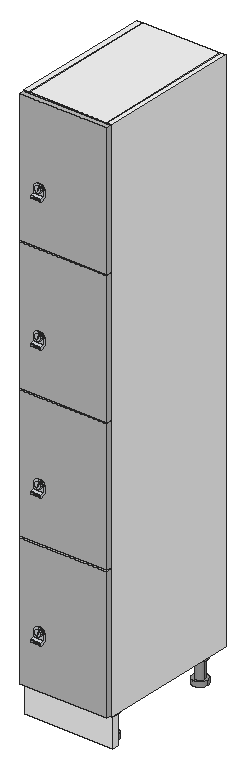
Revit family "1900H Locker Standard 4 Door", category Casework, Revit 2016
Family settings
  OmniClass Number = 23.40.35.00
  OmniClass Title = Casework
  Work Plane-Based = No
  Always vertical = Yes
  Cut with Voids When Loaded = No
  Shared = No
  Room Calculation Point = No
Parameters (values of type "LW319S4ABNP")
  WarrantyGuarantorParts = "www.bisley.com"  # constant formula
  WarrantyGuarantorLabour = "www.bisley.com"  # constant formula
  WarrantyDurationUnit = "Years"  # constant formula
  WarrantyDurationParts = "5"  # constant formula
  WarrantyDurationLabour = "5"  # constant formula
  WarrantyDescription = "5 Years Parts & Labour"  # constant formula
  Uniclass2015Version = "3.1"  # constant formula
  Uniclass2015Title = "Lockers"  # constant formula
  Uniclass2015Code = "Pr_40_30_78_48"  # constant formula
  URL = "www.bisley.com"
  SustainabilityPerformance = "FSC Approved"  # constant formula
  SerialNumber = ""
  NominalWidth = Width  # 300 mm
  NominalLength = Depth  # 500 mm
  NominalHeight = Height  # 1900 mm
  Name = "1900H Standard Door"  # constant formula
  NBSReference = "45-35-80/380"  # constant formula
  NBSDescription = "General fittings, furnishings and equipment system"  # constant formula
  ModelReference = "LW319S4ABNP"
  Model = "Lockerwall"  # constant formula
  Material = "MFC"  # constant formula
  ManufacturerURL = "www.bisley.com"  # constant formula
  Manufacturer = "Bisley"  # constant formula
  ManufactureName = "Bisley"  # constant formula
  M3 Lock = no
  Foot [instance] = Foot 100 : Foot 100
  Finish = "Matt"  # constant formula
  E4 Lock = no
  DurationUnit = "Years"  # constant formula
  Depth = 500 mm
  Height = 1900 mm
  Width = 300 mm
  Carcass Material = "MFC"  # constant formula
  Author = "Bisley"  # constant formula
  AssetType = "Fixed"  # constant formula
  AB Lock = yes
Types (19, lengths in mm): name | NominalWidth | ModelReference | M3 Lock | E4 Lock | Width | AB Lock
  (no name) | 300 | "LW319S4ABNP" | no | no | 300 | yes
  LW319S4ABNP | 300 | "LW319S4ABNP" | no | no | 300 | yes
  LW319S4ABUK | 300 | "LW319S4ABUK" | no | no | 300 | yes
  LW319S4E4NP | 300 | "LW319S4E4NP" | no | yes | 300 | no
  LW319S4E4UK | 300 | "LW319S4E4UK" | no | yes | 300 | no
  LW319S4M3NP | 300 | "LW319S4M3NP" | yes | no | 300 | no
  LW319S4M3UK | 300 | "LW319S4M3UK" | yes | no | 300 | no
  LW419S4ABNP | 400 | "LW419S4ABNP" | no | no | 400 | yes
  LW419S4ABUK | 400 | "LW419S4ABUK" | no | no | 400 | yes
  LW419S4E4NP | 400 | "LW419S4E4NP" | no | yes | 400 | no
  LW419S4E4UK | 400 | "LW419S4E4UK" | no | yes | 400 | no
  LW419S4M3NP | 400 | "LW419S4M3NP" | yes | no | 400 | no
  LW419S4M3UK | 400 | "LW419S4M3UK" | yes | no | 400 | no
  LW519S4ABNP | 500 | "LW519S4ABNP" | no | no | 500 | yes
  LW519S4ABUK | 500 | "LW519S4ABUK" | no | no | 500 | yes
  LW519S4E4NP | 500 | "LW519S4E4NP" | no | yes | 500 | no
  LW519S4E4UK | 500 | "LW519S4E4UK" | no | yes | 500 | no
  LW519S4M3NP | 500 | "LW519S4M3NP" | yes | no | 500 | no
  LW519S4M3UK | 500 | "LW519S4M3UK" | yes | no | 500 | no
Reference planes
  plane 1 "Back": y = 0
  plane 2: z = 0
  plane 3 "Center (Left/Right)": x = 44.7
  plane 4 "Front": y = -500
  plane 5 "Left": x = -105.3
  plane 6 "Right": x = 194.7
  plane 7 "Top": z = 1900
  plane 8 "Base": z = 98
  plane 9 "Base Left": x = -87.3
  plane 10 "Base Right": x = 176.7
  plane 11: y = -482
  plane 12: y = -10.5
  plane 13: y = -29.5
  plane 14 "Back Base": z = 110.5
  plane 15: z = 1887.5
  plane 16: z = 95
  plane 17 "Plinth": y = -477
  plane 18: y = -459
  plane 19: z = 101
  plane 20: z = 547
  plane 21: z = 551
  plane 22: z = 997
  plane 23: z = 1001
  plane 24: z = 1447
  plane 25: x = -103.3
  plane 26: x = 192.7
  plane 27 "Shelf 2": z = 990
  plane 28 "Shelf 1": z = 540
  plane 29 "Shelf 3": z = 1440
  plane 30: z = 1451
  plane 31: z = 1897
Forms (mm)
  Extrusion 1, solid, not visible
    sketch origin (-1691.73, 346.204, -12) x (1, 0, 0) y (0, 0, 1)
      loop
        line (48, 12) -> (56, 12) -> (56, 20) -> (48, 20) -> (48, 12)
    from 0 to 26
  Extrusion 2, solid, not visible
    sketch origin (-1683.73, 346.204, -12) x (-1, 0, 0) y (0, 0, -1)
      loop
        line (48, -12) -> (48, -20) -> (56, -20) -> (56, -12) -> (48, -12)
    from 0 to 26
  Extrusion 3, solid, not visible
    sketch origin (-1687.73, 350.204, -3.997) x (0, 1, 0) y (0, 0, 1)
      loop
        line (-26, 3.997) -> (-26, 11.997) -> (-34, 11.997) -> (-34, 3.997) -> (-26, 3.997)
    from -52 to 52
  Extrusion 4, solid, material "MFC 1"
    sketch origin (0, 0, 0) x (1, 0, 0) y (0, 1, 0)
      loop
        line (-105.3, -482) -> (-87.3, -482) -> (-87.3, 0) -> (-105.3, 0) -> (-105.3, -482)
    from 98 to 1900
  Extrusion 5, solid, material "MFC 1"
    sketch origin (0, 0, 98) x (-1, 0, 0) y (0, -1, 0)
      loop
        line (-176.7, 482) -> (-194.7, 482) -> (-194.7, 0) -> (-176.7, 0) -> (-176.7, 482)
    from 0 to 1802
  Extrusion 6, solid, material "MFC 1"
    sketch origin (0, 0, 98) x (-1, 0, 0) y (0, -1, 0)
      loop
        line (87.3, 482) -> (-176.7, 482) -> (-176.7, 0) -> (87.3, 0) -> (87.3, 482)
    from 0 to 18
  Extrusion 7, void
    sketch origin (176.7, 0, 0) x (0, 1, 0) y (0, 0, 1)
      loop
        line (-29.5, 110.5) -> (-10.5, 110.5) -> (-10.5, 116) -> (-29.5, 116) -> (-29.5, 110.5)
    from 0 to -264
  Extrusion 8, solid, material "MFC 1"
    sketch origin (0, 0, 1540) x (0, -1, 0) y (1, 0, 0)
      loop
        line (482, -87.3) -> (482, 176.7) -> (0, 176.7) -> (0, -87.3) -> (482, -87.3)
    from 360 to 342
  Extrusion 9, void
    sketch origin (176.7, 0, 0) x (0, 1, 0) y (0, 0, 1)
      loop
        line (-29.5, 1884.5) -> (-10.5, 1884.5) -> (-10.5, 1887.5) -> (-29.5, 1887.5) -> (-29.5, 1884.5)
    from 0 to -264
  Extrusion 10, solid, material "MFC 1"
    sketch origin (0, 0, 110.5) x (0, -1, 0) y (1, 0, 0)
      loop
        line (29.5, -87.3) -> (29.5, 176.7) -> (10.5, 176.7) -> (10.5, -87.3) -> (29.5, -87.3)
    from 0 to 1777
  Extrusion 11, solid, material "MFC 1"
    sketch origin (0, 0, 0) x (1, 0, 0) y (0, 1, 0)
      loop
        line (-105.3, -477) -> (194.7, -477) -> (194.7, -459) -> (-105.3, -459) -> (-105.3, -477)
    from 0 to 95
  Extrusion 12, solid, material "MFC 2"
    sketch origin (0, -500, 180) x (1, 0, 0) y (0, 0, 1)
      loop
        line (-103.3, 821) -> (192.7, 821) -> (192.7, 1267) -> (-103.3, 1267) -> (-103.3, 821)
    from 0 to -18
  Extrusion 13, solid, material "MFC 2"
    sketch origin (0, -500, 90) x (1, 0, 0) y (0, 0, 1)
      loop
        line (-103.3, 461) -> (192.7, 461) -> (192.7, 907) -> (-103.3, 907) -> (-103.3, 461)
    from 0 to -18
  Extrusion 14, solid, material "MFC 2"
    sketch origin (0, -500, 0) x (1, 0, 0) y (0, 0, 1)
      loop
        line (-103.3, 101) -> (192.7, 101) -> (192.7, 547) -> (-103.3, 547) -> (-103.3, 101)
    from 0 to -18
  Extrusion 15, solid, material "MFC 1"
    sketch origin (0, 0, 540) x (-1, 0, 0) y (0, -1, 0)
      loop
        line (87.3, 482) -> (-176.7, 482) -> (-176.7, 29.5) -> (87.3, 29.5) -> (87.3, 482)
    from 0 to 18
  Extrusion 16, solid, material "MFC 1"
    sketch origin (0, 0, 990) x (-1, 0, 0) y (0, -1, 0)
      loop
        line (87.3, 482) -> (-176.7, 482) -> (-176.7, 29.5) -> (87.3, 29.5) -> (87.3, 482)
    from 0 to 18
  Extrusion 17, solid, material "MFC 1"
    sketch origin (0, 0, 1440) x (-1, 0, 0) y (0, -1, 0)
      loop
        line (87.3, 482) -> (-176.7, 482) -> (-176.7, 29.5) -> (87.3, 29.5) -> (87.3, 482)
    from 0 to 18
  Extrusion 18, solid, material "MFC 2"
    sketch origin (0, -500, 270) x (1, 0, 0) y (0, 0, 1)
      loop
        line (-103.3, 1181) -> (192.7, 1181) -> (192.7, 1627) -> (-103.3, 1627) -> (-103.3, 1181)
    from 0 to -18
Cuts and joins
  Extrusion 7, Extrusion 9 cuts Extrusion 5
  Extrusion 7 cuts Extrusion 6
  Extrusion 9 cuts Extrusion 4
  Extrusion 9 cuts Extrusion 8
Dimensions and locks
  "Width": plane 6 "Right" to plane 5 "Left"
  equal spacing: plane 6 "Right", plane 3 "Center (Left/Right)", plane 5 "Left"
  "Depth": plane 4 "Front" to plane 1 "Back"
  "Height": level to plane 7 "Top"
  locked: plane 5 "Left" to plane 9 "Base Left" at 18
  locked: plane 10 "Base Right" to plane 6 "Right" at 18
  locked: plane 7 "Top" to plane 15 at 12.5
  Extrusion 10 to plane 1 "Back" = 10.5 mm
  locked: nested 1 to plane 6 "Right" at 68
  locked: nested 2 to plane 6 "Right" at 68
  locked: plane 1 "Back" to nested 3 at 79.5
  locked: plane 11 to plane 4 "Front" at 18
  locked: plane 17 "Plinth" to plane 4 "Front" at 23
  locked: plane 18 to plane 4 "Front" at 41
  locked: nested 1 to plane 4 "Front" at 91
  locked: plane 5 "Left" to nested 4 at 68
  locked: plane 5 "Left" to nested 3 at 68
  locked: plane 4 "Front" to nested 4 at 91
  locked: plane 6 "Right" to plane 26 at 2
  locked: plane 25 to plane 5 "Left" at 2
  locked: plane 5 "Left" to nested 7 at 51
  locked: plane 5 "Left" to nested 6 at 51
  locked: plane 5 "Left" to nested 5 at 51
  locked: plane 5 "Left" to nested 10 at 40.5
  locked: plane 5 "Left" to nested 9 at 40.5
  locked: plane 5 "Left" to nested 8 at 40.5
  locked: plane 5 "Left" to nested 13 at 54.3
  locked: plane 5 "Left" to nested 12 at 54.3
  locked: plane 5 "Left" to nested 11 at 54.3
  locked: plane 5 "Left" to nested 16 at 40.5
  locked: plane 5 "Left" to nested 14 at 51
  locked: plane 5 "Left" to nested 15 at 54.3
  aligned and locked: level to plane 2
  aligned and locked: Extrusion 4 sketch curve to plane 11
  aligned and locked: Extrusion 4 sketch curve to plane 5 "Left"
  aligned and locked: Extrusion 4 sketch curve to plane 1 "Back"
  aligned and locked: plane 9 "Base Left" to Extrusion 4 sketch curve
  aligned and locked: Extrusion 4 to plane 8 "Base"
  aligned and locked: Extrusion 4 to plane 7 "Top"
  aligned and locked: Extrusion 5 sketch curve to plane 11
  aligned and locked: Extrusion 5 sketch curve to plane 10 "Base Right"
  aligned and locked: Extrusion 5 sketch curve to plane 1 "Back"
  aligned and locked: plane 6 "Right" to Extrusion 5 sketch curve
  aligned and locked: Extrusion 5 to plane 7 "Top"
  aligned and locked: Extrusion 5 to plane 8 "Base"
  aligned and locked: Extrusion 4 to Extrusion 6 sketch curve
  aligned and locked: Extrusion 6 sketch curve to Extrusion 4
  aligned and locked: Extrusion 5 to Extrusion 6 sketch curve
  aligned and locked: Extrusion 6 sketch curve to Extrusion 5
  aligned and locked: plane 6 "Right" to Extrusion 5
  aligned and locked: Extrusion 7 to plane 9 "Base Left"
  aligned and locked: plane 10 "Base Right" to Extrusion 7
  aligned and locked: Extrusion 8 sketch curve to cut or joined group of Extrusion 6, Extrusion 7  (x2)
  aligned and locked: Extrusion 8 sketch curve to Extrusion 4
  aligned and locked: Extrusion 8 sketch curve to cut or joined group of Extrusion 5, Extrusion 7, Extrusion 9
  aligned and locked: plane 15 to Extrusion 9 sketch curve
  aligned and locked: Extrusion 10 sketch curve to cut or joined group of Extrusion 6, Extrusion 7  (x2)
  aligned and locked: cut or joined group of Extrusion 6, Extrusion 7 to Extrusion 10 sketch curve  (x2)
  aligned and locked: Extrusion 10 to plane 14 "Back Base"
  aligned and locked: plane 15 to Extrusion 10
  aligned and locked: Extrusion 9 to plane 9 "Base Left"
  aligned and locked: Extrusion 11 sketch curve to plane 17 "Plinth"
  aligned and locked: Extrusion 11 sketch curve to plane 5 "Left"
  aligned and locked: plane 18 to Extrusion 11 sketch curve
  aligned and locked: plane 6 "Right" to Extrusion 11 sketch curve
  aligned and locked: Extrusion 11 to plane 5 "Left"
  aligned and locked: plane 6 "Right" to Extrusion 11
  aligned and locked: Extrusion 5 to plane 11
  aligned and locked: Extrusion 4 to plane 11
  aligned and locked: Extrusion 12 to plane 25
  aligned and locked: plane 26 to Extrusion 12
  aligned and locked: Extrusion 12 to plane 23
  aligned and locked: plane 24 to Extrusion 12
  aligned and locked: Extrusion 13 sketch curve to plane 21
  aligned and locked: Extrusion 13 sketch curve to plane 25
  aligned and locked: plane 22 to Extrusion 13 sketch curve
  aligned and locked: plane 26 to Extrusion 13 sketch curve
  aligned and locked: Extrusion 14 sketch curve to plane 19
  aligned and locked: Extrusion 14 sketch curve to plane 25
  aligned and locked: plane 20 to Extrusion 14 sketch curve
  aligned and locked: plane 26 to Extrusion 14 sketch curve
  aligned and locked: Extrusion 15 sketch curve to cut or joined group of Extrusion 6, Extrusion 7  (x2)
  aligned and locked: cut or joined group of Extrusion 6, Extrusion 7 to Extrusion 15 sketch curve
  aligned and locked: nested 2 to Extrusion 15 sketch curve
  aligned and locked: Extrusion 16 sketch curve to cut or joined group of Extrusion 6, Extrusion 7  (x2)
  aligned and locked: cut or joined group of Extrusion 6, Extrusion 7 to Extrusion 16 sketch curve
  aligned and locked: nested 2 to Extrusion 16 sketch curve
  aligned and locked: Extrusion 8 to plane 7 "Top"
  aligned and locked: Extrusion 17 sketch curve to cut or joined group of Extrusion 6, Extrusion 7  (x2)
  aligned and locked: cut or joined group of Extrusion 6, Extrusion 7 to Extrusion 17 sketch curve
  aligned and locked: nested 2 to Extrusion 17 sketch curve
  aligned and locked: Extrusion 18 sketch curve to plane 30
  aligned and locked: Extrusion 18 sketch curve to plane 25
  aligned and locked: plane 31 to Extrusion 18 sketch curve
  aligned and locked: plane 26 to Extrusion 18 sketch curve
  aligned and locked: cut or joined group of Extrusion 5, Extrusion 7, Extrusion 9 to Extrusion 8
  aligned and locked: Extrusion 16 to plane 27 "Shelf 2"
  aligned and locked: Extrusion 15 to plane 28 "Shelf 1"
Automatic sketch dimensions
  Extrusion 1 sketch curve to Extrusion 1 sketch curve = 8 mm  (x2)
  Extrusion 2 sketch curve to Extrusion 2 sketch curve = 8 mm  (x2)
  Extrusion 3 sketch curve to Extrusion 3 sketch curve = 8 mm  (x2)
  Extrusion 7 sketch curve to plane 13 = 0 mm
  Extrusion 7 sketch curve to plane 12 = 0 mm
  Extrusion 7 sketch curve to plane 14 "Back Base" = 0 mm
  Extrusion 7 sketch curve to Extrusion 7 sketch curve = 5.5 mm
  Extrusion 9 sketch curve to plane 13 = 0 mm
  Extrusion 9 sketch curve to plane 12 = 0 mm
  Extrusion 9 sketch curve to Extrusion 9 sketch curve = 3 mm
  plane 24 to Extrusion 12 sketch curve = 0 mm
  Extrusion 12 sketch curve to plane 25 = 0 mm
  plane 26 to Extrusion 12 sketch curve = 0 mm
  Extrusion 12 sketch curve to plane 23 = 0 mm
Nested families
  nested 1: "Foot 100" at (196.401, -409, 0) x (-1, 0, 0) z (0, 0, 1), type "Foot 100"
  nested 2: "Foot 100" at (196.401, -29.5, 0) x (-1, 0, 0) z (0, 0, 1), type "Foot 100"
  nested 3: "Foot 100" at (-107, -29.5, 0), type "Foot 100"
  nested 4: "Foot 100" at (-107, -409, 0), type "Foot 100"
  nested 5: "AB Lock" at (-82, -500, 253), visible <- "AB Lock", type "AB Lock"
  nested 6: "AB Lock" at (-82, -500, 703), visible <- "AB Lock", type "AB Lock"
  nested 7: "AB Lock" at (-82, -500, 1153), visible <- "AB Lock", type "AB Lock"
  nested 8: "M3 Lock" at (-93, -500, 256), visible <- "M3 Lock", type "M3 Lock"
  nested 9: "M3 Lock" at (-93, -500, 706), visible <- "M3 Lock", type "M3 Lock"
  nested 10: "M3 Lock" at (-93, -500, 1156), visible <- "M3 Lock", type "M3 Lock"
  nested 11: "E4 Lock" at (-83, -500, 265), visible <- "E4 Lock", type "E4 Lock"
  nested 12: "E4 Lock" at (-83, -500, 715), visible <- "E4 Lock", type "E4 Lock"
  nested 13: "E4 Lock" at (-83, -500, 1165), visible <- "E4 Lock", type "E4 Lock"
  nested 14: "AB Lock" at (-82, -500, 1603), visible <- "AB Lock", type "AB Lock"
  nested 15: "E4 Lock" at (-83, -500, 1615), visible <- "E4 Lock", type "E4 Lock"
  nested 16: "M3 Lock" at (-93, -500, 1606), visible <- "M3 Lock", type "M3 Lock"
Definition of nested family "Foot 100"
  Parameters (values of type "Foot 100")
    WarrantyGuarantorParts = "www.bisley.com"  # constant formula
    WarrantyGuarantorLabour = "www.bisley.com"  # constant formula
    WarrantyDurationUnit = "Years"  # constant formula
    WarrantyDurationParts = "5"  # constant formula
    WarrantyDurationLabour = "5"  # constant formula
    WarrantyDescription = "5 Years Parts & Labour"  # constant formula
    Uniclass2015Version = ""
    Uniclass2015Title = ""
    Uniclass2015Code = ""
    URL = "www.bisley.com"
    SustainabilityPerformance = "FSC Approved"  # constant formula
    SerialNumber = ""
    NominalWidth = Width  # 50 mm
    NominalLength = Depth  # 50 mm
    NominalHeight = Height  # 900 mm
    Name = ""
    NBSReference = ""
    NBSDescription = "General fittings, furnishings and equipment system"  # constant formula
    ModelReference = ""
    Model = "Abode"  # constant formula
    Material = "MFC"  # constant formula
    ManufacturerURL = "www.bisley.com"  # constant formula
    Manufacturer = "Bisley"  # constant formula
    ManufactureName = "Bisley"  # constant formula
    Finish = "Matt"  # constant formula
    ExpectedLife = "25"  # constant formula
    DurationUnit = "Years"  # constant formula
    Depth = 50 mm
    Height = 900 mm
    Width = 50 mm
    Carcass Material = "MFC"  # constant formula
    Author = "Bisley"  # constant formula
    AssetType = "Fixed"  # constant formula
  Reference planes
    plane 1 "Back": y = 0
    plane 2: z = 0
    plane 3 "Center (Left/Right)": x = 44.7
    plane 4 "Front": y = -50
    plane 5 "Left": x = 19.7
    plane 6 "Right": x = 69.7
    plane 7 "Top": z = 900
    plane 8: y = -25
    plane 9 "Foot top": z = 98
    plane 10: y = 0
    plane 11: y = -50
    plane 12: x = 19.7
    plane 13: x = 69.7
    plane 14: x = 24.7
    plane 15: y = -5
  Forms (mm)
    Extrusion 1, solid, not visible
      sketch origin (-1691.73, 346.204, -12) x (1, 0, 0) y (0, 0, 1)
        loop
          line (48, 12) -> (56, 12) -> (56, 20) -> (48, 20) -> (48, 12)
      from 0 to 26
    Extrusion 2, solid, not visible
      sketch origin (-1683.73, 346.204, -12) x (-1, 0, 0) y (0, 0, -1)
        loop
          line (48, -12) -> (48, -20) -> (56, -20) -> (56, -12) -> (48, -12)
      from 0 to 26
    Extrusion 3, solid, not visible
      sketch origin (-1687.73, 350.204, -3.997) x (0, 1, 0) y (0, 0, 1)
        loop
          line (-26, 3.997) -> (-26, 11.997) -> (-34, 11.997) -> (-34, 3.997) -> (-26, 3.997)
      from -52 to 52
    Extrusion 4, solid
      sketch origin (0, 275, 0) x (1, 0, 0) y (0, 1, 0)
        loop
          circle (44.7, -300) r 25
      from 0 to 15
    Extrusion 5, solid
      sketch origin (0, 275, 0) x (1, 0, 0) y (0, 1, 0)
        loop
          circle (44.7, -300) r 15
      from 15 to 78
    Extrusion 6, solid
      sketch origin (0, 275, 0) x (1, 0, 0) y (0, 1, 0)
        loop
          circle (44.7, -300) r 25
      from 78 to 98
    Extrusion 7, solid
      sketch origin (0, 275, 98) x (-1, 0, 0) y (0, -1, 0)
        loop
          line (-19.7, 325) -> (-69.7, 325) -> (-69.7, 275) -> (-19.7, 275) -> (-19.7, 325)
      from 0 to -10
    Extrusion 8, void
      sketch origin (0, 275, 98) x (-1, 0, 0) y (0, -1, 0)
        loop
          circle (-24.7, 280) r 2.5
      from 0 to -10
    Extrusion 9, void
      sketch origin (89.401, 275, 98) x (1, 0, 0) y (0, 1, 0)
        loop
          circle (-24.7, -280) r 2.5
      from 0 to -10
    Extrusion 10, void
      sketch origin (0, -325, 98) x (-1, 0, 0) y (0, -1, 0)
        loop
          circle (-24.7, -280) r 2.5
      from 0 to -10
    Extrusion 11, void
      sketch origin (89.401, -325, 98) x (1, 0, 0) y (0, 1, 0)
        loop
          circle (-24.7, 280) r 2.5
      from 0 to -10
  Cuts and joins
    Extrusion 8, Extrusion 9, Extrusion 10, Extrusion 11 cuts Extrusion 4
    Extrusion 8, Extrusion 9, Extrusion 10, Extrusion 11 cuts Extrusion 5
    Extrusion 8, Extrusion 9, Extrusion 10, Extrusion 11 cuts Extrusion 6
    Extrusion 8, Extrusion 9, Extrusion 10, Extrusion 11 cuts Extrusion 7
    joined: Extrusion 4, Extrusion 5, Extrusion 6, Extrusion 7
  Dimensions and locks
    "Width": plane 6 "Right" to plane 5 "Left"
    equal spacing: plane 6 "Right", plane 3 "Center (Left/Right)", plane 5 "Left"
    "Depth": plane 4 "Front" to plane 1 "Back"
    "Height": level to plane 7 "Top"
    aligned and locked: level to plane 2
    aligned and locked: Extrusion 5 to Extrusion 4
    aligned and locked: Extrusion 4 to level
    aligned and locked: Extrusion 6 to Extrusion 5
    aligned and locked: plane 9 "Foot top" to Extrusion 6
  Automatic sketch dimensions
    Extrusion 1 sketch curve to Extrusion 1 sketch curve = 8 mm  (x2)
    Extrusion 2 sketch curve to Extrusion 2 sketch curve = 8 mm  (x2)
    Extrusion 3 sketch curve to Extrusion 3 sketch curve = 8 mm  (x2)
    Extrusion 4 sketch curve to plane 3 "Center (Left/Right)" = 0 mm
    plane 8 to Extrusion 4 sketch curve = 0 mm
    Extrusion 5 sketch curve to plane 3 "Center (Left/Right)" = 0 mm
    plane 8 to Extrusion 5 sketch curve = 0 mm
    Extrusion 6 sketch curve to plane 3 "Center (Left/Right)" = 0 mm
    plane 8 to Extrusion 6 sketch curve = 0 mm
    Extrusion 7 sketch curve to plane 11 = 0 mm
    Extrusion 7 sketch curve to plane 13 = 0 mm
    plane 10 to Extrusion 7 sketch curve = 0 mm
    Extrusion 7 sketch curve to plane 12 = 0 mm
    Extrusion 8 sketch curve to plane 14 = 0 mm
    Extrusion 8 sketch curve to plane 15 = 0 mm
    plane 15 to Extrusion 9 sketch curve = 0 mm
    plane 13 to Extrusion 9 sketch curve = 5 mm
    Extrusion 10 sketch curve to plane 14 = 0 mm
    Extrusion 10 sketch curve to plane 11 = 5 mm
    Extrusion 11 sketch curve to plane 13 = 5 mm
    plane 11 to Extrusion 11 sketch curve = 5 mm
    radius of Extrusion 4 sketch curve = 25 mm
    radius of Extrusion 5 sketch curve = 15 mm
    radius of Extrusion 6 sketch curve = 25 mm
    radius of Extrusion 8 sketch curve = 2.5 mm
    radius of Extrusion 9 sketch curve = 2.5 mm
    radius of Extrusion 10 sketch curve = 2.5 mm
    radius of Extrusion 11 sketch curve = 2.5 mm
Definition of nested family "AB Lock"
  Parameters (values of type "AB Lock")
    WarrantyGuarantorParts = "www.bisley.com"  # constant formula
    WarrantyGuarantorLabour = "www.bisley.com"  # constant formula
    WarrantyDurationUnit = "Years"  # constant formula
    WarrantyDurationParts = "5"  # constant formula
    WarrantyDurationLabour = "5"  # constant formula
    WarrantyDescription = "5 Years Parts & Labour"  # constant formula
    Uniclass2015Version = ""
    Uniclass2015Title = ""
    Uniclass2015Code = ""
    URL = "www.bisley.com"
    SustainabilityPerformance = "FSC Approved"  # constant formula
    SerialNumber = ""
    NominalWidth = Width  # 34 mm
    NominalLength = Depth  # 15 mm
    NominalHeight = Height  # 45 mm
    Name = ""
    NBSReference = ""
    NBSDescription = "General fittings, furnishings and equipment system"  # constant formula
    ModelReference = ""
    Model = "Abode"  # constant formula
    Material = "MFC"  # constant formula
    ManufacturerURL = "www.bisley.com"  # constant formula
    Manufacturer = "Bisley"  # constant formula
    ManufactureName = "Bisley"  # constant formula
    Finish = "Matt"  # constant formula
    ExpectedLife = "25"  # constant formula
    DurationUnit = "Years"  # constant formula
    Depth = 15 mm
    Height = 45 mm
    Width = 34 mm
    Carcass Material = "MFC"  # constant formula
    Author = "Bisley"  # constant formula
    AssetType = "Fixed"  # constant formula
  Reference planes
    plane 1 "Back": y = 0
    plane 2: z = 0
    plane 3 "Center (Left/Right)": x = 44.7
    plane 4 "Front": y = -15
    plane 5 "Left": x = 27.7
    plane 6 "Right": x = 61.7
    plane 7 "Top": z = 45
    plane 8: z = 28
    plane 9: z = 3
    plane 10: x = 31.2
    plane 11: x = 58.2
    plane 12: z = 6
    plane 13: y = -12
    plane 14: z = 10
    plane 15 "Lockback": y = -3
    plane 16: x = 43.2
    plane 17: x = 46.2
    plane 18: z = 32
    plane 19: z = 24
  Forms (mm)
    Extrusion 1, solid, not visible
      sketch origin (-1691.73, 346.204, -12) x (1, 0, 0) y (0, 0, 1)
        loop
          line (48, 12) -> (56, 12) -> (56, 20) -> (48, 20) -> (48, 12)
      from 0 to 26
    Extrusion 2, solid, not visible
      sketch origin (-1683.73, 346.204, -12) x (-1, 0, 0) y (0, 0, -1)
        loop
          line (48, -12) -> (48, -20) -> (56, -20) -> (56, -12) -> (48, -12)
      from 0 to 26
    Extrusion 3, solid, not visible
      sketch origin (-1687.73, 350.204, -3.997) x (0, 1, 0) y (0, 0, 1)
        loop
          line (-26, 3.997) -> (-26, 11.997) -> (-34, 11.997) -> (-34, 3.997) -> (-26, 3.997)
      from -52 to 52
    Extrusion 4, solid
      sketch origin (0, 0, 0) x (1, 0, 0) y (0, 0, 1)
        loop
          line (27.7, 28) -> (27.7, 6) -> (61.7, 6) -> (61.7, 28)
          arc (61.7, 28) -> (44.7, 45) -> (27.7, 28) r 17
      from 0 to 3
    Extrusion 5, solid
      sketch origin (27.7, 0, 0) x (0, 1, 0) y (0, 0, 1)
        loop
          circle (-12, 3) r 3
      from 0 to 34
    Extrusion 6, solid
      sketch origin (27.7, 0, 0) x (0, 1, 0) y (0, 0, 1)
        loop
          line (0, 6) -> (-3, 10)
          arc (-3, 10) -> (-7.815, 8.71) -> (-12, 6) r 16
          arc (-12, 6) -> (-9.879, 5.121) -> (-9, 3) r 3
          arc (-9, 3) -> (-4.809, 5.427) -> (0, 6) r 12
      from 0 to 34
    Extrusion 7, void
      sketch origin (27.7, 0, 0) x (0, 1, 0) y (0, 0, 1)
        loop
          line (-3, 10) -> (-3, 6) -> (0, 6) -> (-3, 10)
      from 0 to 34
    Extrusion 8, solid
      sketch origin (0, -3, 0) x (-1, 0, 0) y (0, 0, 1)
        loop
          circle (-44.7, 28) r 10.5
      from 0 to -3
    Extrusion 9, void
      sketch origin (0, -3, 0) x (-1, 0, 0) y (0, 0, 1)
        loop
          line (-43.2, 24) -> (-43.2, 32) -> (-46.2, 32) -> (-46.2, 24) -> (-43.2, 24)
      from 0 to -3
  Cuts and joins
    Extrusion 7, Extrusion 9 cuts Extrusion 4
    Extrusion 9 cuts Extrusion 5
    Extrusion 9 cuts Extrusion 6
    joined: Extrusion 4, Extrusion 5, Extrusion 6
    Extrusion 9 cuts Extrusion 8
  Lines and regions (mm)
    reference lines
      curve 1: arc (27.7, 0, 6) -> (27.7, -4.809, 5.427) -> (27.7, -9, 3) r 12
      curve 2: arc (27.7, -3, 10) -> (27.7, -7.815, 8.71) -> (27.7, -12, 6) r 16
  Dimensions and locks
    "Width": plane 6 "Right" to plane 5 "Left"
    equal spacing: plane 6 "Right", plane 3 "Center (Left/Right)", plane 5 "Left"
    "Depth": plane 4 "Front" to plane 1 "Back"
    "Height": level to plane 7 "Top"
    aligned and locked: level to plane 2
  Automatic sketch dimensions
    Extrusion 1 sketch curve to Extrusion 1 sketch curve = 8 mm  (x2)
    Extrusion 2 sketch curve to Extrusion 2 sketch curve = 8 mm  (x2)
    Extrusion 3 sketch curve to Extrusion 3 sketch curve = 8 mm  (x2)
    Extrusion 4 sketch curve to plane 5 "Left" = 0 mm
    Extrusion 4 sketch curve to plane 6 "Right" = 0 mm
    Extrusion 4 sketch curve to plane 12 = 0 mm
    Extrusion 4 sketch curve to plane 8 = 0 mm
    Extrusion 5 sketch curve to plane 9 = 0 mm
    Extrusion 5 sketch curve to plane 13 = 0 mm
    curve 2 to plane 12 = 0 mm
    curve 2 to plane 13 = 0 mm
    curve 1 to plane 9 = 0 mm
    plane 14 to curve 2 = 0 mm
    curve 1 to plane 1 "Back" = 0 mm
    curve 1 to plane 12 = 0 mm
    plane 1 "Back" to curve 2 = 1.317 mm
    curve 2 to curve 1 = 0.303 mm
    curve 2 to level = 5.911 mm
    curve 1 to curve 2 = 0.046 mm
    Extrusion 6 sketch curve to plane 12 = 0 mm  (x2)
    Extrusion 6 sketch curve to plane 13 = 0 mm
    Extrusion 6 sketch curve to plane 9 = 0 mm
    plane 14 to Extrusion 6 sketch curve = 0 mm
    Extrusion 6 sketch curve to plane 1 "Back" = 0 mm
    plane 1 "Back" to Extrusion 6 sketch curve = 3 mm
    plane 1 "Back" to Extrusion 6 sketch curve = 1.317 mm
    Extrusion 6 sketch curve to Extrusion 6 sketch curve = 0.303 mm
    Extrusion 7 sketch curve to plane 12 = 0 mm
    plane 14 to Extrusion 7 sketch curve = 0 mm
    Extrusion 7 sketch curve to plane 1 "Back" = 0 mm
    plane 1 "Back" to Extrusion 7 sketch curve = 3 mm
    Extrusion 8 sketch curve to plane 3 "Center (Left/Right)" = 0 mm
    Extrusion 8 sketch curve to plane 8 = 0 mm
    Extrusion 9 sketch curve to plane 17 = 0 mm
    Extrusion 9 sketch curve to plane 16 = 0 mm
    Extrusion 9 sketch curve to plane 19 = 0 mm
    Extrusion 9 sketch curve to plane 18 = 0 mm
    radius of Extrusion 5 sketch curve = 3 mm
    radius of Extrusion 8 sketch curve = 10.5 mm
Definition of nested family "M3 Lock"
  Parameters (values of type "M3 Lock")
    WarrantyGuarantorParts = "www.bisley.com"  # constant formula
    WarrantyGuarantorLabour = "www.bisley.com"  # constant formula
    WarrantyDurationUnit = "Years"  # constant formula
    WarrantyDurationParts = "5"  # constant formula
    WarrantyDurationLabour = "5"  # constant formula
    WarrantyDescription = "5 Years Parts & Labour"  # constant formula
    Uniclass2015Version = ""
    Uniclass2015Title = ""
    Uniclass2015Code = ""
    URL = "www.bisley.com"
    SustainabilityPerformance = "FSC Approved"  # constant formula
    SerialNumber = ""
    NominalWidth = Width  # 33 mm
    NominalLength = Depth  # 21.5 mm
    NominalHeight = Height  # 83.5 mm
    Name = ""
    NBSReference = ""
    NBSDescription = "General fittings, furnishings and equipment system"  # constant formula
    ModelReference = ""
    Model = "Abode"  # constant formula
    Material = "MFC"  # constant formula
    ManufacturerURL = "www.bisley.com"  # constant formula
    Manufacturer = "Bisley"  # constant formula
    ManufactureName = "Bisley"  # constant formula
    Finish = "Matt"  # constant formula
    ExpectedLife = "25"  # constant formula
    DurationUnit = "Years"  # constant formula
    Depth = 21.5 mm
    Height = 83.5 mm
    Width = 33 mm
    Carcass Material = "MFC"  # constant formula
    Author = "Bisley"  # constant formula
    AssetType = "Fixed"  # constant formula
  Reference planes
    plane 1 "Back": y = 0
    plane 2: z = 0
    plane 3 "Center (Left/Right)": x = 44.7
    plane 4 "Front": y = -21.5
    plane 5 "Left": x = 28.2
    plane 6 "Right": x = 61.2
    plane 7 "Top": z = 83.5
    plane 8 "BackFront": y = -3.045
    plane 9: x = 32.2
    plane 10: z = 79.5
    plane 11: x = 57.2
    plane 12: z = 4
    plane 13: x = 32.2
    plane 14: x = 57.2
    plane 15 "Barrel Base": z = 30.5
    plane 16: x = 40.5
    plane 17: x = 48.9
    plane 18: y = -4.445
    plane 19: z = 74.5
    plane 20 "L4": z = 69.8
    plane 21: z = 64.9
    plane 22 "L3": z = 60.2
    plane 23: z = 55.3
    plane 24 "L2": z = 50.6
    plane 25: z = 45.7
    plane 26 "L1": z = 41
    plane 27: x = 38.2
    plane 28: x = 51.2
    plane 29: y = -4.945
    plane 30: z = 40.5
    plane 31 "l-1": z = 38.5
    plane 32: z = 16
    plane 33: y = -9.045
    plane 34 "Thumbturn": y = -19.5
    plane 35: x = 43.2
    plane 36: x = 46.2
    plane 37: z = 20
    plane 38: z = 12
  Forms (mm)
    Extrusion 1, solid, not visible
      sketch origin (-1691.73, 346.204, -12) x (1, 0, 0) y (0, 0, 1)
        loop
          line (48, 12) -> (56, 12) -> (56, 20) -> (48, 20) -> (48, 12)
      from 0 to 26
    Extrusion 2, solid, not visible
      sketch origin (-1683.73, 346.204, -12) x (-1, 0, 0) y (0, 0, -1)
        loop
          line (48, -12) -> (48, -20) -> (56, -20) -> (56, -12) -> (48, -12)
      from 0 to 26
    Extrusion 3, solid, not visible
      sketch origin (-1687.73, 350.204, -3.997) x (0, 1, 0) y (0, 0, 1)
        loop
          line (-26, 3.997) -> (-26, 11.997) -> (-34, 11.997) -> (-34, 3.997) -> (-26, 3.997)
      from -52 to 52
    Extrusion 4, solid
      sketch origin (0, 0, 0) x (1, 0, 0) y (0, 0, 1)
        loop
          line (28.2, 0) -> (61.2, 0) -> (61.2, 83.5) -> (28.2, 83.5) -> (28.2, 0)
      from 0 to 3
    Extrusion 5, void
      sketch origin (0, 0, 0) x (1, 0, 0) y (0, 0, 1)
        loop
          arc (28.2, 79.5) -> (29.372, 82.328) -> (32.2, 83.5) r 4
          line (32.2, 83.5) -> (28.2, 83.5) -> (28.2, 79.5)
      from 0 to 3
    Extrusion 6, void
      sketch origin (0, 0, 0) x (1, 0, 0) y (0, 0, 1)
        loop
          arc (57.2, 83.5) -> (60.029, 82.328) -> (61.2, 79.5) r 4
          line (61.2, 79.5) -> (61.2, 83.5) -> (57.2, 83.5)
      from 0 to 3
    Extrusion 7, void
      sketch origin (0, 0, 0) x (1, 0, 0) y (0, 0, 1)
        loop
          arc (32.2, 0) -> (29.372, 1.172) -> (28.2, 4) r 4
          line (28.2, 4) -> (28.2, 0) -> (32.2, 0)
      from 0 to 3
    Extrusion 8, void
      sketch origin (0, 0, 0) x (1, 0, 0) y (0, 0, 1)
        loop
          line (57.2, 0) -> (61.2, 0) -> (61.2, 4)
          arc (61.2, 4) -> (60.029, 1.172) -> (57.2, 0) r 4
      from 0 to 3
    Extrusion 9, solid
      sketch origin (0, 0, 30.5) x (-1, 0, 0) y (0, -1, 0)
        loop
          arc (-40.5, 3) -> (-44.7, 4.445) -> (-48.9, 3) r 6.827
          line (-48.9, 3) -> (-40.5, 3)
      from 0 to 49
    Extrusion 10, solid
      sketch origin (0, 0, 41) x (-1, 0, 0) y (0, -1, 0)
        loop
          arc (-38.2, 3) -> (-44.7, 4.945) -> (-51.2, 3) r 11.835
          line (-51.2, 3) -> (-38.2, 3)
      from 0 to 4.7
    Extrusion 11, solid
      sketch origin (0, 0, 50.6) x (-1, 0, 0) y (0, -1, 0)
        loop
          arc (-38.2, 3) -> (-44.7, 4.945) -> (-51.2, 3) r 11.835
          line (-51.2, 3) -> (-38.2, 3)
      from 0 to 4.7
    Extrusion 12, solid
      sketch origin (0, 0, 60.2) x (-1, 0, 0) y (0, -1, 0)
        loop
          arc (-38.2, 3) -> (-44.7, 4.945) -> (-51.2, 3) r 11.835
          line (-51.2, 3) -> (-38.2, 3)
      from 0 to 4.7
    Extrusion 13, solid
      sketch origin (0, 0, 69.8) x (-1, 0, 0) y (0, -1, 0)
        loop
          arc (-38.2, 3) -> (-44.7, 4.945) -> (-51.2, 3) r 11.835
          line (-51.2, 3) -> (-38.2, 3)
      from 0 to 4.7
    Extrusion 14, solid
      sketch origin (0, 0, 38.5) x (-1, 0, 0) y (0, -1, 0)
        loop
          arc (-38.2, 3) -> (-44.7, 4.945) -> (-51.2, 3) r 11.835
          line (-51.2, 3) -> (-38.2, 3)
      from 0 to 2
    Extrusion 15, solid
      sketch origin (0, -3.045, 0) x (-1, 0, 0) y (0, 0, 1)
        loop
          circle (-44.7, 16) r 14.25
      from 0 to -4
    Extrusion 16, solid
      sketch origin (0, -3.045, 0) x (-1, 0, 0) y (0, 0, 1)
        loop
          circle (-44.7, 16) r 12.7
      from 0 to -18.455
    Extrusion 17, void
      sketch origin (0, -21.5, 0) x (1, 0, 0) y (0, 0, 1)
        loop
          circle (44.7, 16) r 7.362
      from 0 to -1
    Extrusion 18, solid
      sketch origin (0, -21.5, 0) x (1, 0, 0) y (0, 0, 1)
        loop
          line (40.5, 29.617) -> (40.5, 27.985)
          arc (40.5, 27.985) -> (44.7, 28.7) -> (48.9, 27.985) r 12.7
          line (48.9, 27.985) -> (48.9, 29.617)
          arc (48.9, 29.617) -> (44.7, 30.25) -> (40.5, 29.617) r 14.25
      from 0 to -14.5
    Extrusion 19, solid
      sketch origin (0, -20.483, 0) x (1, 0, 0) y (0, 0, 1)
        loop
          circle (44.7, 16) r 13.48
      from 0 to -1.5
    Extrusion 20, void
      sketch origin (0, -21.5, 0) x (1, 0, 0) y (0, 0, 1)
        loop
          line (43.2, 12) -> (46.2, 12) -> (46.2, 20) -> (43.2, 20) -> (43.2, 12)
      from 0 to -10.5
  Cuts and joins
    Extrusion 5, Extrusion 6, Extrusion 7, Extrusion 8, Extrusion 17, Extrusion 20 cuts Extrusion 4
    Extrusion 17, Extrusion 20 cuts Extrusion 9
    Extrusion 17, Extrusion 20 cuts Extrusion 10
    Extrusion 17, Extrusion 20 cuts Extrusion 11
    Extrusion 17, Extrusion 20 cuts Extrusion 12
    Extrusion 17, Extrusion 20 cuts Extrusion 13
    Extrusion 17, Extrusion 20 cuts Extrusion 14
    Extrusion 17, Extrusion 20 cuts Extrusion 15
    Extrusion 17, Extrusion 20 cuts Extrusion 16
    Extrusion 20 cuts Extrusion 18
    Extrusion 20 cuts Extrusion 19
    joined: Extrusion 4, Extrusion 9, Extrusion 10, Extrusion 11, Extrusion 12, Extrusion 13, Extrusion 14, Extrusion 15, Extrusion 16, Extrusion 18, Extrusion 19
  Dimensions and locks
    "Width": plane 6 "Right" to plane 5 "Left"
    equal spacing: plane 6 "Right", plane 3 "Center (Left/Right)", plane 5 "Left"
    "Depth": plane 4 "Front" to plane 1 "Back"
    "Height": level to plane 7 "Top"
    aligned and locked: level to plane 2
    aligned and locked: plane 10 to Extrusion 9
    aligned and locked: Extrusion 9 to plane 15 "Barrel Base"
    aligned and locked: Extrusion 4 to plane 7 "Top"
    aligned and locked: plane 6 "Right" to Extrusion 4
    aligned and locked: Extrusion 4 to plane 5 "Left"
    aligned and locked: Extrusion 4 to level
  Automatic sketch dimensions
    Extrusion 1 sketch curve to Extrusion 1 sketch curve = 8 mm  (x2)
    Extrusion 2 sketch curve to Extrusion 2 sketch curve = 8 mm  (x2)
    Extrusion 3 sketch curve to Extrusion 3 sketch curve = 8 mm  (x2)
    Extrusion 4 sketch curve to plane 5 "Left" = 0 mm
    Extrusion 4 sketch curve to plane 6 "Right" = 0 mm
    Extrusion 4 sketch curve to level = 0 mm
    Extrusion 4 sketch curve to plane 7 "Top" = 0 mm
    Extrusion 5 sketch curve to plane 7 "Top" = 0 mm
    Extrusion 5 sketch curve to plane 9 = 0 mm
    Extrusion 5 sketch curve to plane 10 = 0 mm
    Extrusion 6 sketch curve to plane 7 "Top" = 0 mm  (x2)
    Extrusion 6 sketch curve to plane 11 = 0 mm
    Extrusion 6 sketch curve to plane 6 "Right" = 0 mm
    Extrusion 6 sketch curve to plane 10 = 0 mm
    Extrusion 7 sketch curve to level = 0 mm
    Extrusion 7 sketch curve to plane 5 "Left" = 0 mm
    plane 9 to Extrusion 7 sketch curve = 0 mm  (x2)
    Extrusion 7 sketch curve to plane 12 = 0 mm
    Extrusion 8 sketch curve to level = 0 mm
    plane 11 to Extrusion 8 sketch curve = 0 mm
    Extrusion 8 sketch curve to plane 12 = 0 mm
    Extrusion 9 sketch curve to plane 17 = 0 mm
    Extrusion 9 sketch curve to plane 16 = 0 mm
    Extrusion 9 sketch curve to plane 1 "Back" = 2.382 mm
    plane 8 "BackFront" to Extrusion 9 sketch curve = 0.045 mm
    Extrusion 10 sketch curve to plane 28 = 0 mm
    Extrusion 10 sketch curve to plane 27 = 0 mm
    Extrusion 10 sketch curve to plane 1 "Back" = 6.89 mm
    plane 8 "BackFront" to Extrusion 10 sketch curve = 0.045 mm
    Extrusion 11 sketch curve to plane 28 = 0 mm
    Extrusion 11 sketch curve to plane 27 = 0 mm
    Extrusion 11 sketch curve to plane 1 "Back" = 6.89 mm
    plane 8 "BackFront" to Extrusion 11 sketch curve = 0.045 mm
    Extrusion 12 sketch curve to plane 28 = 0 mm
    Extrusion 12 sketch curve to plane 27 = 0 mm
    Extrusion 12 sketch curve to plane 1 "Back" = 6.89 mm
    plane 8 "BackFront" to Extrusion 12 sketch curve = 0.045 mm
    Extrusion 13 sketch curve to plane 28 = 0 mm
    Extrusion 13 sketch curve to plane 27 = 0 mm
    Extrusion 13 sketch curve to plane 1 "Back" = 6.89 mm
    plane 8 "BackFront" to Extrusion 13 sketch curve = 0.045 mm
    Extrusion 14 sketch curve to plane 28 = 0 mm
    Extrusion 14 sketch curve to plane 27 = 0 mm
    Extrusion 14 sketch curve to plane 1 "Back" = 6.89 mm
    plane 8 "BackFront" to Extrusion 14 sketch curve = 0.045 mm
    Extrusion 15 sketch curve to plane 3 "Center (Left/Right)" = 0 mm
    Extrusion 15 sketch curve to plane 32 = 0 mm
    Extrusion 16 sketch curve to plane 3 "Center (Left/Right)" = 0 mm
    Extrusion 16 sketch curve to plane 32 = 0 mm
    Extrusion 17 sketch curve to plane 3 "Center (Left/Right)" = 0 mm
    Extrusion 17 sketch curve to plane 32 = 0 mm
    Extrusion 18 sketch curve to Extrusion 18 sketch curve = 0 mm  (x2)
    Extrusion 18 sketch curve to plane 16 = 0 mm
    Extrusion 18 sketch curve to plane 3 "Center (Left/Right)" = 0 mm
    Extrusion 18 sketch curve to plane 17 = 0 mm
    Extrusion 18 sketch curve to plane 32 = 0 mm
    Extrusion 18 sketch curve to plane 15 "Barrel Base" = 2.515 mm
    Extrusion 18 sketch curve to plane 15 "Barrel Base" = 0.883 mm
    Extrusion 19 sketch curve to plane 3 "Center (Left/Right)" = 0 mm
    Extrusion 19 sketch curve to plane 32 = 0 mm
    Extrusion 20 sketch curve to plane 35 = 0 mm
    Extrusion 20 sketch curve to plane 36 = 0 mm
    Extrusion 20 sketch curve to plane 38 = 0 mm
    Extrusion 20 sketch curve to plane 37 = 0 mm
    radius of Extrusion 15 sketch curve = 14.25 mm
    radius of Extrusion 16 sketch curve = 12.7 mm
    radius of Extrusion 17 sketch curve = 7.362 mm
    radius of Extrusion 19 sketch curve = 13.48 mm
Definition of nested family "E4 Lock"
  Parameters (values of type "E4 Lock")
    WarrantyGuarantorParts = "www.bisley.com"  # constant formula
    WarrantyGuarantorLabour = "www.bisley.com"  # constant formula
    WarrantyDurationUnit = "Years"  # constant formula
    WarrantyDurationParts = "5"  # constant formula
    WarrantyDurationLabour = "5"  # constant formula
    WarrantyDescription = "5 Years Parts & Labour"  # constant formula
    Uniclass2015Version = ""
    Uniclass2015Title = ""
    Uniclass2015Code = ""
    URL = "www.bisley.com"
    SustainabilityPerformance = "FSC Approved"  # constant formula
    SerialNumber = ""
    NominalWidth = Width  # 25.4 mm
    NominalLength = Depth  # 20.4 mm
    NominalHeight = Height  # 101 mm
    Name = ""
    NBSReference = ""
    NBSDescription = "General fittings, furnishings and equipment system"  # constant formula
    ModelReference = ""
    Model = "Abode"  # constant formula
    Material = "MFC"  # constant formula
    ManufacturerURL = "www.bisley.com"  # constant formula
    Manufacturer = "Bisley"  # constant formula
    ManufactureName = "Bisley"  # constant formula
    Finish = "Matt"  # constant formula
    ExpectedLife = "25"  # constant formula
    DurationUnit = "Years"  # constant formula
    Depth = 20.4 mm
    Height = 101 mm
    Width = 25.4 mm
    Carcass Material = "MFC"  # constant formula
    Author = "Bisley"  # constant formula
    AssetType = "Fixed"  # constant formula
  Reference planes
    plane 1 "Back": y = 0
    plane 2: z = 0
    plane 3 "Center (Left/Right)": x = 44.7
    plane 4 "Front": y = -20.4
    plane 5 "Left": x = 32
    plane 6 "Right": x = 57.4
    plane 7 "Top": z = 101
    plane 8 "Back Front": y = -13.4
    plane 9: x = 35
    plane 10: x = 54.4
    plane 11: x = 35
    plane 12: x = 54.4
    plane 13: z = 3
    plane 14: z = 98
    plane 15 "Numbers": y = -14.4
    plane 16: z = 94
    plane 17: z = 87
    plane 18: z = 84.5
    plane 19: z = 77.5
    plane 20: z = 75
    plane 21: z = 68
    plane 22: z = 65.5
    plane 23: z = 58.5
    plane 24: z = 56
    plane 25: z = 49
    plane 26: z = 46.5
    plane 27: z = 39.5
    plane 28: z = 37
    plane 29: z = 32
    plane 30: z = 5.5
    plane 31: z = 25
    plane 32: z = 23
    plane 33: x = 36
    plane 34: x = 53.4
    plane 35: x = 44.5
    plane 36: x = 44.9
    plane 37: x = 37.98
    plane 38: x = 51.4
    plane 39: z = 35.539
    plane 40: z = 33.5
    plane 41: z = 28.5
    plane 42: x = 41.287
    plane 43: x = 48.1
    plane 44: x = 39.98
    plane 45: x = 49.4
    plane 46: z = 21
    plane 47: z = 7.5
    plane 48: z = 14.25
  Forms (mm)
    Extrusion 1, solid, not visible
      sketch origin (-1691.73, 346.204, -12) x (1, 0, 0) y (0, 0, 1)
        loop
          line (48, 12) -> (56, 12) -> (56, 20) -> (48, 20) -> (48, 12)
      from 0 to 26
    Extrusion 2, solid, not visible
      sketch origin (-1683.73, 346.204, -12) x (-1, 0, 0) y (0, 0, -1)
        loop
          line (48, -12) -> (48, -20) -> (56, -20) -> (56, -12) -> (48, -12)
      from 0 to 26
    Extrusion 3, solid, not visible
      sketch origin (-1687.73, 350.204, -3.997) x (0, 1, 0) y (0, 0, 1)
        loop
          line (-26, 3.997) -> (-26, 11.997) -> (-34, 11.997) -> (-34, 3.997) -> (-26, 3.997)
      from -52 to 52
    Extrusion 4, solid
      sketch origin (0, 0, 0) x (1, 0, 0) y (0, 0, 1)
        loop
          line (32, 0) -> (57.4, 0) -> (57.4, 101) -> (32, 101) -> (32, 0)
      from 0 to 13.4
    Extrusion 5, void
      sketch origin (0, 0, 0) x (1, 0, 0) y (0, 0, 1)
        loop
          arc (32, 98) -> (32.879, 100.121) -> (35, 101) r 3
          line (35, 101) -> (32, 101) -> (32, 98)
      from 0 to 13.4
    Extrusion 6, void
      sketch origin (0, 0, 0) x (1, 0, 0) y (0, 0, 1)
        loop
          line (57.4, 98) -> (57.4, 101) -> (54.4, 101)
          arc (54.4, 101) -> (56.522, 100.121) -> (57.4, 98) r 3
      from 0 to 13.4
    Extrusion 7, void
      sketch origin (0, 0, 0) x (1, 0, 0) y (0, 0, 1)
        loop
          line (32, 3) -> (32, 0) -> (35, 0)
          arc (35, 0) -> (32.879, 0.879) -> (32, 3) r 3
      from 0 to 13.4
    Extrusion 8, void
      sketch origin (0, 0, 0) x (1, 0, 0) y (0, 0, 1)
        loop
          line (54.4, 0) -> (57.4, 0) -> (57.4, 3)
          arc (57.4, 3) -> (56.522, 0.879) -> (54.4, 0) r 3
      from 0 to 13.4
    Extrusion 9, solid
      sketch origin (0, -13.4, 0) x (-1, 0, 0) y (0, 0, 1)
        loop
          line (-36, 87) -> (-36, 94) -> (-44.5, 94) -> (-44.5, 87) -> (-36, 87)
      from 0 to -1
    Extrusion 10, solid
      sketch origin (0, -13.4, 0) x (-1, 0, 0) y (0, 0, 1)
        loop
          line (-44.9, 87) -> (-44.9, 94) -> (-53.4, 94) -> (-53.4, 87) -> (-44.9, 87)
      from 0 to -1
    Extrusion 11, solid
      sketch origin (0, -13.4, -9.5) x (-1, 0, 0) y (0, 0, 1)
        loop
          line (-36, 87) -> (-36, 94) -> (-44.5, 94) -> (-44.5, 87) -> (-36, 87)
      from 0 to -1
    Extrusion 12, solid
      sketch origin (0, -13.4, -9.5) x (-1, 0, 0) y (0, 0, 1)
        loop
          line (-44.9, 87) -> (-44.9, 94) -> (-53.4, 94) -> (-53.4, 87) -> (-44.9, 87)
      from 0 to -1
    Extrusion 13, solid
      sketch origin (0, -13.4, -19) x (-1, 0, 0) y (0, 0, 1)
        loop
          line (-36, 87) -> (-36, 94) -> (-44.5, 94) -> (-44.5, 87) -> (-36, 87)
      from 0 to -1
    Extrusion 14, solid
      sketch origin (0, -13.4, -19) x (-1, 0, 0) y (0, 0, 1)
        loop
          line (-44.9, 87) -> (-44.9, 94) -> (-53.4, 94) -> (-53.4, 87) -> (-44.9, 87)
      from 0 to -1
    Extrusion 15, solid
      sketch origin (0, -13.4, -28.5) x (-1, 0, 0) y (0, 0, 1)
        loop
          line (-36, 87) -> (-36, 94) -> (-44.5, 94) -> (-44.5, 87) -> (-36, 87)
      from 0 to -1
    Extrusion 16, solid
      sketch origin (0, -13.4, -28.5) x (-1, 0, 0) y (0, 0, 1)
        loop
          line (-44.9, 87) -> (-44.9, 94) -> (-53.4, 94) -> (-53.4, 87) -> (-44.9, 87)
      from 0 to -1
    Extrusion 17, solid
      sketch origin (0, -13.4, -38) x (-1, 0, 0) y (0, 0, 1)
        loop
          line (-36, 87) -> (-36, 94) -> (-44.5, 94) -> (-44.5, 87) -> (-36, 87)
      from 0 to -1
    Extrusion 18, solid
      sketch origin (0, -13.4, -38) x (-1, 0, 0) y (0, 0, 1)
        loop
          line (-44.9, 87) -> (-44.9, 94) -> (-53.4, 94) -> (-53.4, 87) -> (-44.9, 87)
      from 0 to -1
    Extrusion 19, solid
      sketch origin (0, -13.4, -47.5) x (-1, 0, 0) y (0, 0, 1)
        loop
          line (-36, 87) -> (-36, 94) -> (-44.5, 94) -> (-44.5, 87) -> (-36, 87)
      from 0 to -1
    Extrusion 20, solid
      sketch origin (0, -13.4, -47.5) x (-1, 0, 0) y (0, 0, 1)
        loop
          line (-44.9, 87) -> (-44.9, 94) -> (-53.4, 94) -> (-53.4, 87) -> (-44.9, 87)
      from 0 to -1
    Extrusion 21, solid
      sketch origin (0, -14.4, 0) x (-1, 0, 0) y (0, 0, 1)
        loop
          line (-37.98, 33.5) -> (-37.98, 35.539) -> (-51.4, 35.539) -> (-51.4, 33.5) -> (-37.98, 33.5)
      from 0 to 1
    Extrusion 22, solid
      sketch origin (0, -14.4, 0) x (-1, 0, 0) y (0, 0, 1)
        loop
          line (-37.98, 25) -> (-37.98, 32) -> (-51.4, 32) -> (-51.4, 25) -> (-37.98, 25)
      from 0 to 1
    Extrusion 23, void
      sketch origin (0, -14.4, 0) x (-1, 0, 0) y (0, 0, 1)
        loop
          circle (-41.287, 28.5) r 1
      from 0 to 1
    Extrusion 24, void
      sketch origin (0, -14.4, 0) x (-1, 0, 0) y (0, 0, 1)
        loop
          circle (-44.7, 28.5) r 0.982
      from 0 to 1
    Extrusion 25, void
      sketch origin (0, -14.4, 0) x (-1, 0, 0) y (0, 0, 1)
        loop
          circle (-48.1, 28.5) r 1.013
      from 0 to 1
    Extrusion 26, solid
      sketch origin (0, -20.4, 0) x (1, 0, 0) y (0, 0, 1)
        loop
          line (37.98, 5.5) -> (51.4, 5.5) -> (51.4, 23) -> (37.98, 23) -> (37.98, 5.5)
      from 0 to -6
    Extrusion 27, void
      sketch origin (0, -20.4, 0) x (1, 0, 0) y (0, 0, 1)
        loop
          line (39.98, 23) -> (37.98, 23) -> (37.98, 21)
          arc (37.98, 21) -> (38.566, 22.414) -> (39.98, 23) r 2
      from 0 to -6
    Extrusion 28, void
      sketch origin (0, -20.4, 0) x (1, 0, 0) y (0, 0, 1)
        loop
          arc (49.4, 23) -> (50.815, 22.414) -> (51.4, 21) r 2
          line (51.4, 21) -> (51.4, 23) -> (49.4, 23)
      from 0 to -6
    Extrusion 29, void
      sketch origin (0, -20.4, 0) x (1, 0, 0) y (0, 0, 1)
        loop
          line (37.98, 7.5) -> (37.98, 5.5) -> (39.98, 5.5)
          arc (39.98, 5.5) -> (38.566, 6.086) -> (37.98, 7.5) r 2
      from 0 to -6
    Extrusion 30, void
      sketch origin (0, -20.4, 0) x (1, 0, 0) y (0, 0, 1)
        loop
          line (49.4, 5.5) -> (51.4, 5.5) -> (51.4, 7.5)
          arc (51.4, 7.5) -> (50.815, 6.086) -> (49.4, 5.5) r 2
      from 0 to -6
    Extrusion 31, solid
      sketch origin (0, -14.4, 0) x (-1, 0, 0) y (0, 0, 1)
        loop
          circle (-44.7, 14.25) r 7.5
      from 0 to 1
  Cuts and joins
    Extrusion 5, Extrusion 6, Extrusion 7, Extrusion 8 cuts Extrusion 4
    Extrusion 23, Extrusion 24, Extrusion 25 cuts Extrusion 22
    Extrusion 27, Extrusion 28, Extrusion 29, Extrusion 30 cuts Extrusion 26
  Dimensions and locks
    "Width": plane 6 "Right" to plane 5 "Left"
    equal spacing: plane 6 "Right", plane 3 "Center (Left/Right)", plane 5 "Left"
    "Depth": plane 4 "Front" to plane 1 "Back"
    "Height": level to plane 7 "Top"
    aligned and locked: level to plane 2
    aligned and locked: Extrusion 4 to plane 5 "Left"
    aligned and locked: plane 6 "Right" to Extrusion 4
    aligned and locked: Extrusion 4 to plane 7 "Top"
    aligned and locked: Extrusion 4 to level
  Automatic sketch dimensions
    Extrusion 1 sketch curve to Extrusion 1 sketch curve = 8 mm  (x2)
    Extrusion 2 sketch curve to Extrusion 2 sketch curve = 8 mm  (x2)
    Extrusion 3 sketch curve to Extrusion 3 sketch curve = 8 mm  (x2)
    Extrusion 4 sketch curve to plane 5 "Left" = 0 mm
    Extrusion 4 sketch curve to plane 6 "Right" = 0 mm
    Extrusion 4 sketch curve to level = 0 mm
    Extrusion 4 sketch curve to plane 7 "Top" = 0 mm
    Extrusion 5 sketch curve to plane 5 "Left" = 0 mm  (x2)
    Extrusion 5 sketch curve to plane 7 "Top" = 0 mm
    Extrusion 5 sketch curve to plane 9 = 0 mm
    Extrusion 5 sketch curve to plane 14 = 0 mm
    Extrusion 6 sketch curve to plane 10 = 0 mm
    Extrusion 6 sketch curve to plane 6 "Right" = 0 mm
    Extrusion 6 sketch curve to plane 14 = 0 mm
    Extrusion 7 sketch curve to level = 0 mm
    Extrusion 7 sketch curve to plane 5 "Left" = 0 mm
    plane 9 to Extrusion 7 sketch curve = 0 mm
    Extrusion 8 sketch curve to level = 0 mm
    plane 10 to Extrusion 8 sketch curve = 0 mm
    Extrusion 8 sketch curve to plane 6 "Right" = 0 mm
    Extrusion 9 sketch curve to plane 17 = 0 mm
    Extrusion 9 sketch curve to plane 35 = 0 mm
    Extrusion 9 sketch curve to plane 16 = 0 mm
    Extrusion 9 sketch curve to plane 33 = 0 mm
    Extrusion 10 sketch curve to plane 17 = 0 mm
    Extrusion 10 sketch curve to plane 34 = 0 mm
    Extrusion 10 sketch curve to plane 16 = 0 mm
    Extrusion 10 sketch curve to plane 36 = 0 mm
    Extrusion 11 sketch curve to plane 19 = 0 mm
    Extrusion 11 sketch curve to plane 35 = 0 mm
    Extrusion 11 sketch curve to plane 18 = 0 mm
    Extrusion 11 sketch curve to plane 33 = 0 mm
    Extrusion 12 sketch curve to plane 19 = 0 mm
    Extrusion 12 sketch curve to plane 34 = 0 mm
    Extrusion 12 sketch curve to plane 18 = 0 mm
    Extrusion 12 sketch curve to plane 36 = 0 mm
    Extrusion 13 sketch curve to plane 21 = 0 mm
    Extrusion 13 sketch curve to plane 35 = 0 mm
    Extrusion 13 sketch curve to plane 20 = 0 mm
    Extrusion 13 sketch curve to plane 33 = 0 mm
    Extrusion 14 sketch curve to plane 21 = 0 mm
    Extrusion 14 sketch curve to plane 34 = 0 mm
    Extrusion 14 sketch curve to plane 20 = 0 mm
    Extrusion 14 sketch curve to plane 36 = 0 mm
    Extrusion 15 sketch curve to plane 23 = 0 mm
    Extrusion 15 sketch curve to plane 35 = 0 mm
    Extrusion 15 sketch curve to plane 22 = 0 mm
    Extrusion 15 sketch curve to plane 33 = 0 mm
    Extrusion 16 sketch curve to plane 23 = 0 mm
    Extrusion 16 sketch curve to plane 34 = 0 mm
    Extrusion 16 sketch curve to plane 22 = 0 mm
    Extrusion 16 sketch curve to plane 36 = 0 mm
    Extrusion 17 sketch curve to plane 25 = 0 mm
    Extrusion 17 sketch curve to plane 35 = 0 mm
    Extrusion 17 sketch curve to plane 24 = 0 mm
    Extrusion 17 sketch curve to plane 33 = 0 mm
    Extrusion 18 sketch curve to plane 25 = 0 mm
    Extrusion 18 sketch curve to plane 34 = 0 mm
    Extrusion 18 sketch curve to plane 24 = 0 mm
    Extrusion 18 sketch curve to plane 36 = 0 mm
    Extrusion 19 sketch curve to plane 27 = 0 mm
    Extrusion 19 sketch curve to plane 35 = 0 mm
    Extrusion 19 sketch curve to plane 26 = 0 mm
    Extrusion 19 sketch curve to plane 33 = 0 mm
    Extrusion 20 sketch curve to plane 27 = 0 mm
    Extrusion 20 sketch curve to plane 34 = 0 mm
    Extrusion 20 sketch curve to plane 26 = 0 mm
    Extrusion 20 sketch curve to plane 36 = 0 mm
    Extrusion 21 sketch curve to plane 38 = 0 mm
    Extrusion 21 sketch curve to plane 37 = 0 mm
    Extrusion 21 sketch curve to plane 40 = 0 mm
    Extrusion 21 sketch curve to plane 39 = 0 mm
    Extrusion 22 sketch curve to plane 31 = 0 mm
    Extrusion 22 sketch curve to plane 38 = 0 mm
    Extrusion 22 sketch curve to plane 29 = 0 mm
    Extrusion 22 sketch curve to plane 37 = 0 mm
    Extrusion 23 sketch curve to plane 41 = 0 mm
    Extrusion 23 sketch curve to plane 42 = 0 mm
    Extrusion 24 sketch curve to plane 3 "Center (Left/Right)" = 0 mm
    Extrusion 24 sketch curve to plane 41 = 0 mm
    Extrusion 25 sketch curve to plane 41 = 0 mm
    Extrusion 25 sketch curve to plane 43 = 0 mm
    Extrusion 26 sketch curve to plane 32 = 0 mm
    Extrusion 26 sketch curve to plane 37 = 0 mm
    Extrusion 26 sketch curve to plane 38 = 0 mm
    Extrusion 26 sketch curve to plane 30 = 0 mm
    Extrusion 27 sketch curve to plane 32 = 0 mm
    Extrusion 27 sketch curve to plane 37 = 0 mm
    Extrusion 27 sketch curve to plane 46 = 0 mm
    Extrusion 28 sketch curve to plane 45 = 0 mm
    Extrusion 28 sketch curve to plane 32 = 0 mm
    Extrusion 28 sketch curve to plane 46 = 0 mm
    Extrusion 29 sketch curve to plane 30 = 0 mm
    Extrusion 29 sketch curve to plane 37 = 0 mm
    Extrusion 29 sketch curve to plane 47 = 0 mm
    Extrusion 30 sketch curve to plane 30 = 0 mm
    Extrusion 30 sketch curve to plane 45 = 0 mm
    Extrusion 30 sketch curve to plane 47 = 0 mm
    Extrusion 31 sketch curve to plane 3 "Center (Left/Right)" = 0 mm
    Extrusion 31 sketch curve to plane 48 = 0 mm
    radius of Extrusion 23 sketch curve = 1 mm
    radius of Extrusion 24 sketch curve = 0.982 mm
    radius of Extrusion 25 sketch curve = 1.013 mm
    radius of Extrusion 31 sketch curve = 7.5 mm
